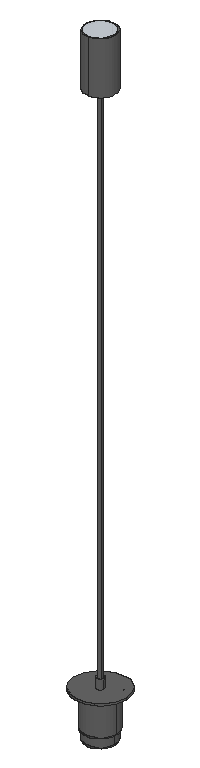
Revit family "LTC-3RDW-CM", category Lighting Fixtures, host Face, Revit 2021
Family settings
  Host = Face
  Round Connector Dimension = Use Diameter
  Part Type = Normal
  OmniClass Number = 23.80.70.11.14.11
  OmniClass Title = Downlights
  Cut with Voids When Loaded = No
  Light Source = Yes
  Shared = No
  Room Calculation Point = No
Parameters (values of type "LTC-3RDW-CM")
  Wattage Comments = "8-25W"
  Wattage = 100 W
  Warranty = "5 years warranty"  # constant formula
  built-in parameter 1150110 = 1 (stored number, unit not read)
  Voltage = 120 V
  built-in parameter 1114217 = 1 (stored number, unit not read)
  Tilt Angle = -90.00°  # constant formula
  built-in parameter 1150109 = 1 (stored number, unit not read)
  built-in parameter 1150134 = 3
  built-in parameter 1150113 = 1 (stored number, unit not read)
  Photometric Web File = "LTC-3RD-P-20L35K8MD-DM1-S-BL.ies"
  Features = "3inch architectural LED downlight and wall wash cylinder\r\ndelivering 600 - 2000 lm\r\n• 4 beam distributions from 0.4 to 1.1 Spacing Criteria\r\n• Quiet reflector appearance with 50º optical cutoff\r\n• 2700K - 5000K, 80+ and 90+ CRI options\r\n• Available in Surface, Wall, Pendant, or Cord Mount configurations\r\n• Variety of dimming protocol options including 0-10V, DALI, DMX,\r\nLutron Forward Phase and EcoSystem"  # constant formula
  Cord Height = 72.000"  # constant formula
  built-in parameter 1150105 = 159.15 (stored number, unit not read)
  Lumens = 2000 lm
  built-in parameter 1150115 = 1 (stored number, unit not read)
  built-in parameter 1150137 = (empty or 0)
  built-in parameter 1150139 = (empty or 0)
  built-in parameter 1150112 = 1 (stored number, unit not read)
  built-in parameter 1150114 = 1 (stored number, unit not read)
  built-in parameter 1150132 = 2
  built-in parameter 1150102 = (empty or 0)
  built-in parameter 1150107 = 3200 (stored number, unit not read)
  built-in parameter 1150138 = (empty or 0)
  built-in parameter 1150106 = 1.5915 (stored number, unit not read)
  Emit from Circle Diameter = 6.000"  # constant formula
  Emit Shape Visible in Rendering = no
  built-in parameter 1150104 = 1.8581 (stored number, unit not read)
  Dimming Lamp Color Temperature Shift = <None>
  Copyright = "Prescolite"  # constant formula
  Contact us = ""
  Color Filter = 16777215
  Certifications = "• cCSAus certified to UL 1598\r\n• Wall Mount: Suitable for wet locations\r\n• Surface & Pendant Mount: Suitable for wet\r\nlocations under covered ceiling\r\n• Cord Mount and all Wall Wash: Suitable for\r\ndamp locations"  # constant formula
  built-in parameter 1114218 = 1 (stored number, unit not read)
  Ballast = Paint - Carbon Black
  URL = "https://www.currentlighting.com/prescolite"
  Product Page URL = ""
  Product Documentation Link = ""
  Model = "LTC-3RDW"  # constant formula
  Manufacturer = "Prescolite"  # constant formula
  Lamp = "LED Lamp"
  Reflector = Glass - Glass
  Description = "LITEISTRY™ 3inch Round Cylinder Downlight/Wall Wash"  # constant formula
  Default Elevation = 48.000"
  built-in parameter 1150133 = 10 (stored number, unit not read)
  Apparent Load = 25 VA  # constant formula
Reference planes (in)
  plane 1 "Center (Front/Back)": y = 0
  plane 2: z = 0
  plane 3 "Center (Left/Right)": x = 0
  plane 4: z = 72
  plane 5: z = 71.75
  plane 6: x = -1
  plane 7: y = 1
  plane 8: x = 1
  plane 9: y = -1
  plane 10: z = 0.25
  plane 11: x = 3
  plane 12: x = -3
  plane 13: x = -2.75391
  plane 14: x = 2.75391
Forms (in)
  Revolve 1, solid, material "Paint - Carbon Black" <- "Ballast"
    sketch origin (0, 0, -5.91673) x (1, 0, 0) y (0, 0, 1)
      loop
        line (-0.5, 5.91673) -> (0, 5.91673) -> (0, 77.91673) -> (-0.38833, 77.91673) -> (-0.38833, 77.66673) -> (-0.25, 77.66673) -> (-0.25, 7.36595) -> (-0.5, 7.36595) -> (-0.5, 5.91673)
      axis (0, 77.91673) -> (0, 5.91673)
    angle from 0 to 360
  Extrusion 2, solid, material "Paint - Carbon Black" <- "Ballast"
    sketch origin (0, 0, 0) x (1, 0, 0) y (0, 1, 0)
      loop
        circle (0, 0) r 3.5
    from 0 to 0.25
  Revolve 3, solid, material "Paint - Carbon Black" <- "Ballast"
    sketch origin (0, 0, 0) x (1, 0, 0) y (0, 0, 1)
      loop
        line (0, -6) -> (0, 0.00055) -> (-2.5, 0.00055) -> (-2.5, -0.43712)
        arc (-2.5, -0.43712) -> (-2.48175, -0.48119) -> (-2.43767, -0.49945) r 0.06233
        line (-2.43767, -0.49945) -> (-2.30081, -0.49945)
        arc (-2.30081, -0.49945) -> (-2.26488, -0.51433) -> (-2.25, -0.55026) r 0.05081
        line (-2.25, -0.55026) -> (-2.25, -4.55877)
        arc (-2.25, -4.55877) -> (-2.2306, -4.6056) -> (-2.18377, -4.625) r 0.06623
        line (-2.18377, -4.625) -> (-2.03463, -4.625)
        arc (-2.03463, -4.625) -> (-2.01014, -4.63514) -> (-2, -4.65963) r 0.03463
        line (-2, -4.65963) -> (-2, -5.88059)
        arc (-2, -5.88059) -> (-1.96503, -5.96503) -> (-1.88059, -6) r 0.11941
        line (-1.88059, -6) -> (0, -6)
      axis (0, 0.00055) -> (0, -6)
    angle from 0 to 360
Cuts and joins
  joined: Revolve 1, Extrusion 2
Dimensions and locks (in)
  "Cord Height": plane 4 to host face
  locked: plane 4 to plane 5 at 0.25
  plane 6 to plane 3 "Center (Left/Right)" to plane 8 = 1.000" locked, 1.000" locked
  plane 7 to plane 1 "Center (Front/Back)" to plane 9 = 1.000" locked, 1.000" locked
  locked: plane 10 to level at 0.25
  host face to Revolve 3 sketch curve = 6.000"
  nested 1 to nested 1 = 4.000"
  nested 1 to plane 4 = 7.000"
  aligned and locked: plane 2 to host face
  aligned and locked: Revolve 1 sketch curve to plane 4
  aligned and locked: Revolve 1 sketch curve to host face
  aligned and locked: plane 5 to Revolve 1 sketch curve
  aligned and locked: plane 3 "Center (Left/Right)" to nested 1
  aligned and locked: nested 1 to plane 1 "Center (Front/Back)"
  aligned and locked: Extrusion 2 to level
  aligned and locked: plane 10 to Extrusion 2
  aligned and locked: plane 3 "Center (Left/Right)" to imposter light
  aligned and locked: imposter light to nested 1
Automatic sketch dimensions
  host sketch curve to host sketch curve = 96.000"  (x2)
  Revolve 1 sketch curve to plane 3 "Center (Left/Right)" = 0.000"  (x2)
  Revolve 1 sketch curve to plane 3 "Center (Left/Right)" = 0.250"
  Revolve 1 sketch curve to Revolve 1 sketch curve = 0.13833"
  Revolve 1 sketch curve to Revolve 1 sketch curve = 0.250"
  Revolve 1 sketch curve to level = 13.75728"
  plane 10 to Revolve 1 sketch curve = 1.19922"
  Revolve 1 sketch curve to Revolve 1 sketch curve = 7.74272"
  Revolve 3 sketch curve to plane 3 "Center (Left/Right)" = 0.000"  (x2)
  plane 13 to Revolve 3 sketch curve = 0.87332"
  Revolve 3 sketch curve to Revolve 3 sketch curve = 0.11941"
  Revolve 3 sketch curve to Revolve 3 sketch curve = 0.03463"
  Revolve 3 sketch curve to Revolve 3 sketch curve = 0.14914"
  Revolve 3 sketch curve to Revolve 3 sketch curve = 0.06623"
  Revolve 3 sketch curve to Revolve 3 sketch curve = 0.05081"
  Revolve 3 sketch curve to Revolve 3 sketch curve = 0.13687"
  level to Revolve 3 sketch curve = 0.00055"
  plane 13 to Revolve 3 sketch curve = 0.25391"
  Revolve 3 sketch curve to Revolve 3 sketch curve = 1.22096"
  Revolve 3 sketch curve to level = 0.55026"
  Revolve 3 sketch curve to Revolve 3 sketch curve = 17.63999"
  plane 4 to Revolve 3 sketch curve = 31.07883"
  plane 1 "Center (Front/Back)" to Extrusion 2 sketch curve = 0.000"
  Extrusion 2 sketch curve to plane 3 "Center (Left/Right)" = 0.000"
  radius of Extrusion 2 sketch curve = 3.500"
Nested families (in)
  nested 1: "LTC" at (0, 0, 72) x (0, 1, 0) z (0, 0, 1), Ballast <- "Ballast", Reflector <- "Reflector", type "6"
    with Reflector Glass - Glass, Ballast Paint - Carbon Black
Connectors (in)
  electrical at (0, 0, 0), driven by "Description", driven by "Voltage", driven by "Apparent Load"
    settings: index 1, voltage 120 V, apparent load 25 VA, apparent load phase1 0 VA, apparent load phase2 0 VA, apparent load phase3 0 VA, power factor 1, load classification "Other", number of poles 1, system type 30, power factor state 1, is connector primary yes, connector utility no, sub classification motor no, connector description "LITEISTRY™ 3inch Round Cylinder Downlight/Wall Wash"
Definition of nested family "LTC"
  Parameters
    Width = 4.000"
    Wattage Comments = ""
    Lamp = ""
    Ballast [instance] = none
    URL = ""
    Product Page URL = ""
    Product Documentation Link = ""
    Model = ""
    Manufacturer Phone = ""
    Manufacturer Fax = ""
    Manufacturer = "Prescolite"
    Reflector [instance] = none
    Description = ""
    Default Elevation = 48.000"
  Reference planes (in)
    plane 1 "Center (Front/Back)": y = 0
    plane 2: z = 0
    plane 3 "Center (Left/Right)": x = 0
    plane 4: y = 7.75
    plane 5: y = -7.75
    plane 6: x = -2
    plane 7: x = 2
    plane 8: z = 7
    plane 9: z = 0.125
    plane 10: x = 1.875
    plane 11: z = 6.875
  Forms (in)
    Extrusion 1, solid
      sketch origin (0, 0, 0) x (1, 0, 0) y (0, 1, 0)
        loop
          line (-48, 48) -> (-48, -48) -> (48, -48) -> (48, 48) -> (-48, 48)
      from 0 to -6
    Extrusion 2, solid, material <- "Reflector"
      sketch origin (0, 0, 30.25) x (1, 0, 0) y (0, 1, 0)
        loop
          circle (0, 0) r 1.875
      from -23.25 to -23.375
    Revolve 3, solid, material <- "Ballast"
      sketch origin (0, 0, -1.25) x (1, 0, 0) y (0, 0, 1)
        loop
          line (2, 8.25) -> (1.875, 8.25) -> (1.875, 1.375) -> (0, 1.375) -> (0, 1.25) -> (2, 1.25) -> (2, 8.25)
        axis (0, 8.25) -> (0, 1.25)
      angle from 0 to 360
  Dimensions and locks (in)
    locked: plane 4 to plane 1 "Center (Front/Back)" at 7.75
    locked: plane 5 to plane 1 "Center (Front/Back)" at 7.75
    "Width": plane 7 to plane 6
    plane 8 to Extrusion 1 = 7.000"
    locked: plane 8 to plane 11 at 0.125
    locked: plane 7 to plane 10 at 0.125
    equal spacing: plane 7, plane 3 "Center (Left/Right)", plane 6
    locked: plane 9 to Extrusion 1 at 0.125
    aligned and locked: plane 2 to Extrusion 1
    aligned and locked: Revolve 3 sketch curve to plane 3 "Center (Left/Right)"
    aligned and locked: plane 8 to Revolve 3 sketch curve
    aligned and locked: plane 9 to Revolve 3 sketch curve
    aligned and locked: Revolve 3 to Extrusion 2
    aligned and locked: Extrusion 2 to plane 11
    aligned and locked: Extrusion 2 sketch curve to Revolve 3
    aligned and locked: Revolve 3 sketch curve to plane 10
    aligned and locked: Revolve 3 sketch curve to plane 7
  Automatic sketch dimensions
    Extrusion 1 sketch curve to Extrusion 1 sketch curve = 96.000"  (x2)
    Revolve 3 sketch curve to plane 3 "Center (Left/Right)" = 0.000"
    Revolve 3 sketch curve to level = 10.000"
    Revolve 3 sketch curve to Revolve 3 sketch curve = 8.000"
    Revolve 3 sketch curve to plane 9 = 0.125"
